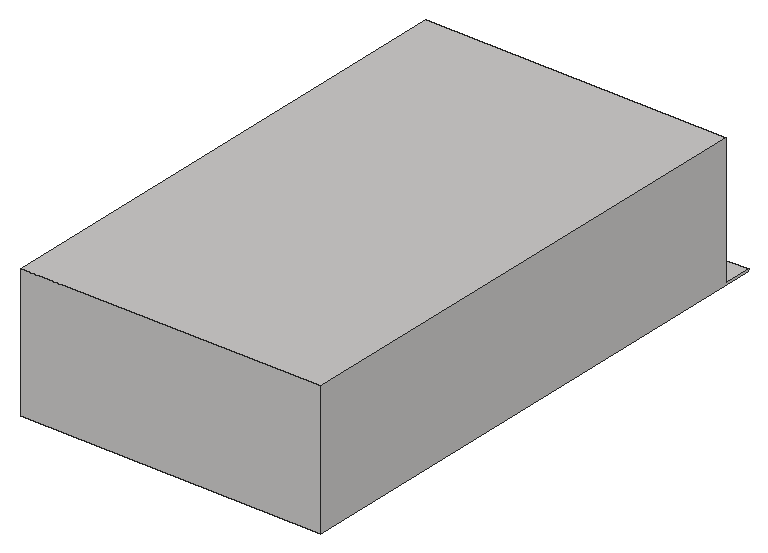
Revit family "NBS_DudleyIndustriesLimited_PprTwlDpnsrs_BehindtheMirrorPaperTowelDispenserFlatBase", category Furniture, host Face, Revit 2018
Family settings
  Host = Face
  Cut with Voids When Loaded = No
  Shared = No
  Room Calculation Point = No
Parameters (values of type "BehindtheMirrorPaperTowelDispenserFlatBase")
  Weight = "2.4 kg"
  WarrantyStartDate [instance] = "1900-12-31T23:59:59"
  WarrantyGuarantorParts = "n/a"
  WarrantyGuarantorLabor = "n/a"
  WarrantyDurationUnit = "year"
  WarrantyDurationParts = "n/a"
  WarrantyDurationLabor = "n/a"
  WarrantyDescription = "10 Years"
  Version = "1"  # constant formula
  Uniclass2015Version = "Products v1.18"
  Uniclass2015Title = "Paper towel dispensers"
  Uniclass2015Code = "Pr_40_70_22_62"
  TowelsTowelType = "C-fold or multi-fold"
  TagNumber [instance] = "n/a"
  SustainabilityPerformance = "n/a"
  Style = "Towel dispenser"
  Status = "UNSET"
  Size = "120 x 491 x 270 mm"
  Shape = "Rectangular"
  SerialNumber [instance] = "n/a"
  Revision = "n/a"
  ReplacementCost = "n/a"
  Reference = "n/a"
  ProductInformation = "https://www.dudleyindustries.com/washroom/product/behind-the-mirror-paper-towel-dispenser-tapered-end/"
  NominalWidth = 270 mm
  NominalLength = 0 mm
  NominalHeight = 491 mm
  NominalDepth = 120 mm
  Name = "PaperTowelDispensers_BehindtheMirrorPaperTowelDispenserFlatBase_DudleyIndustriesLimited"
  NBSReference = "45-35-72/344"
  NBSDescription = "Paper towel dispensers"
  NBSCertification = "www.nationalbimlibrary.com/cert/vrwwnkhg"
  ModelReference = "BehindtheMirrorPaperTowelDispenserFlatBase"
  ModelNumber = "92296SS"
  MaterialsFinishAndColour = "Brushed"
  MaterialsBody = "Stainless steel"
  Material = "Stainless steel"
  ManufacturerURL = "www.dudleyindustries.com"
  ManufacturerName = "Dudley Industries Limited"  # constant formula
  Manufacturer = "sales@dudleyindustries.com"
  MainColor = "n/a"
  IsBuiltIn = yes
  InstallationDate [instance] = "1900-12-31T23:59:59"
  IfcExportType = "UNDEFINED"  # constant formula
  IfcExportAs = "IfcFurnitureType"  # constant formula
  Grade = "n/a"
  Finish = "Brushed"
  Features = "Discrete housing using the cavity behind the mirror, spring loaded flaps, suitable for multiple towel types"
  ExpectedLife = "n/a"
  DurationUnit = "year"
  DispenserMaterial = NBS_DudleyIndustriesLimited_StainlessSteel_Brushed
  Description = "Behind the mirror paper towel dispenser – tapered end"
  Default Elevation = 1050 mm
  Constituents = "n/a"
  Color = "n/a"
  CodePerformance = "n/a"
  Category = "Pr_40_70_22_62:Paper towel dispensers"
  BarCode [instance] = "n/a"
  BIMObjectName = "NBS_DudleyIndustriesLimited_PaperTowelDispensers_BehindtheMirrorPaperTowelDispenserFlatBase"
  Author = "NBS"  # constant formula
  AssetType = "Fixed"
  AssetIdentifier [instance] = "n/a"
  AccessibilityPerformance = "n/a"
Reference planes
  plane 1 "Bottom": y = 0
  plane 2 "Back": z = 0
  plane 3 "Center (Left/Right)": x = 0
  plane 4 "Left": x = -136.2
  plane 5 "Right": x = 136.2
  plane 6 "Top": y = 485
  plane 7 "Front": z = 120
  plane 8: y = 460
Forms (mm)
  Extrusion 1, solid, material "NBS_DudleyIndustriesLimited_StainlessSteel_Brushed" <- "DispenserMaterial", detail levels coarse
    sketch origin (0, 0, 0) x (0, 1, 0) y (0, 0, 1)
      loop
        line (485, 0) -> (485, 120) -> (0, 120) -> (0, 0) -> (485, 0)
    from -136.2 to 136.2
  Extrusion 2, solid, material "NBS_DudleyIndustriesLimited_StainlessSteel_Brushed" <- "DispenserMaterial", detail levels medium+fine
    sketch origin (0, 0, 0) x (1, 0, 0) y (0, 0, 1)
      loop
        line (-136.2, 120) -> (-136.2, 0) -> (-134.2, 0) -> (-134.2, 118) -> (134.2, 118) -> (134.2, 0) -> (136.2, 0) -> (136.2, 120) -> (-136.2, 120)
    from 0 to -460
  Extrusion 3, solid, material "NBS_DudleyIndustriesLimited_StainlessSteel_Brushed" <- "DispenserMaterial", detail levels medium+fine
    sketch origin (0, 0, 0) x (1, 0, 0) y (0, 0, 1)
      loop
        line (-136.2, 120) -> (-136.2, 0) -> (136.2, 0) -> (136.2, 120) -> (-136.2, 120)
    from 0 to -2
  Extrusion 4, solid, material "NBS_DudleyIndustriesLimited_StainlessSteel_Brushed" <- "DispenserMaterial", detail levels medium+fine
    sketch origin (0, 0, 0) x (1, 0, 0) y (0, 1, 0)
      loop
        line (-136.2, 485) -> (-136.2, 0) -> (136.2, 0) -> (136.2, 485) -> (106.2, 485) -> (106.2, 30) -> (-106.2, 30) -> (-106.2, 485) -> (-136.2, 485)
    from 0 to 2
Cuts and joins
  joined: Extrusion 2, Extrusion 3, Extrusion 4
Dimensions and locks
  locked: plane 1 "Bottom" to plane 6 "Top" at 485
  equal spacing: plane 4 "Left", plane 3 "Center (Left/Right)", plane 5 "Right"
  locked: plane 4 "Left" to plane 5 "Right" at 272.4
  locked: plane 7 "Front" to level at 120
  locked: plane 6 "Top" to plane 8 at 25
  aligned and locked: plane 2 "Back" to host face
  aligned and locked: level to host face
  aligned and locked: plane 6 "Top" to Extrusion 1 sketch curve
  aligned and locked: plane 1 "Bottom" to Extrusion 1 sketch curve
  aligned and locked: plane 7 "Front" to Extrusion 1 sketch curve
  aligned and locked: plane 2 "Back" to Extrusion 1 sketch curve
  aligned and locked: Extrusion 1 to plane 4 "Left"
  aligned and locked: Extrusion 1 to plane 5 "Right"
  aligned and locked: Extrusion 2 sketch curve to plane 4 "Left"
  aligned and locked: Extrusion 2 sketch curve to plane 7 "Front"
  aligned and locked: plane 5 "Right" to Extrusion 2 sketch curve
  aligned and locked: Extrusion 2 sketch curve to level  (x2)
  aligned and locked: plane 8 to Extrusion 2
  aligned and locked: Extrusion 3 sketch curve to plane 4 "Left"
  aligned and locked: plane 5 "Right" to Extrusion 3 sketch curve
  aligned and locked: Extrusion 3 sketch curve to plane 7 "Front"
  aligned and locked: Extrusion 3 sketch curve to level
  aligned and locked: Extrusion 4 sketch curve to plane 6 "Top"  (x2)
  aligned and locked: Extrusion 4 sketch curve to plane 4 "Left"
  aligned and locked: plane 5 "Right" to Extrusion 4 sketch curve
  aligned and locked: Extrusion 4 sketch curve to plane 1 "Bottom"
Automatic sketch dimensions
  host sketch curve to host sketch curve = 2438.4 mm  (x2)
  plane 4 "Left" to Extrusion 2 sketch curve = 2 mm
  plane 5 "Right" to Extrusion 2 sketch curve = 2 mm
  Extrusion 2 sketch curve to plane 7 "Front" = 2 mm
  plane 4 "Left" to Extrusion 4 sketch curve = 30 mm
  plane 5 "Right" to Extrusion 4 sketch curve = 30 mm
  Extrusion 4 sketch curve to Extrusion 4 sketch curve = 30 mm
